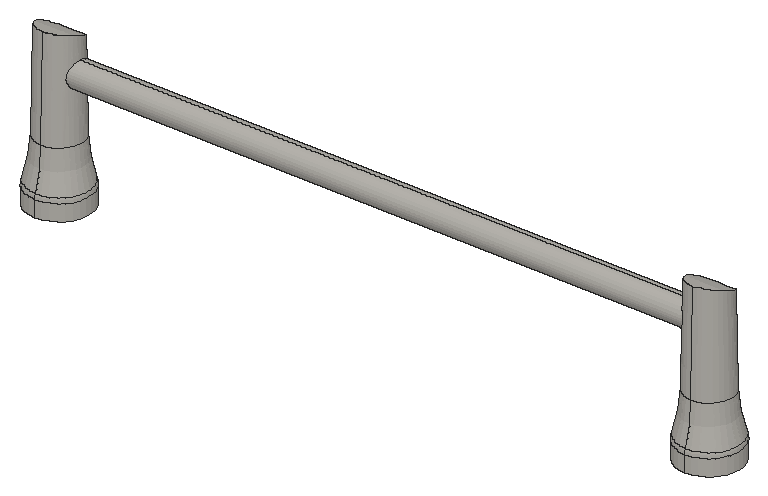
Revit family "Accessory-Towel_Bar-KOHLER-Toobi-K-5666", category Specialty Equipment, host Face, Revit 2015
Parameters (values of type "BN-Vibrant Brushed Nickel")
  Width = 4 1/2"  # constant formula
  WaterSense Certified = 1 = 0  # no
  URL = "https://www.us.kohler.com/us/"
  Type = 2
  Product Page URL = "http://www.us.kohler.com/us/catalog/productDetails.jsp?productNumber=5666"
  Product Name = "Toobi"  # constant formula
  Product Documentation Link = "https://www.us.kohler.com/webassets/kpna/catalog/pdf/en/K-5666_spec.pdf"
  Model = if(Type = 1, "K-5666-CP", if(Type = 2, "K-5666-BN", "NA"))  # "K-5666-BN"
  Material = "Premium Metal Construction"  # constant formula
  MasterFormat 2004 = "10.28.13"  # constant formula
  MasterFormat 1995 = "10820"  # constant formula
  Manufacturer Address = "444 Highland Dr, Kohler, WI 53044"  # constant formula
  Manufacturer = "KOHLER Co."  # constant formula
  Length = 19 11/16"  # constant formula
  Height = 1 89/128"  # constant formula
  Finish = Kohler-Metal-BN-Vibrant_Brushed_Nickel
  Environmental Product Declaration = ""
  Description = "18 inch Towel Bar"  # constant formula
  Default Elevation = 42"
  Declare Label = ""
  Date Modified = "02/15/2019"  # constant formula
  Date Created = "02/15/2019"  # constant formula
  Copyright = "Copyright KOHLER Co."  # constant formula
  Contact Us = "https://www.us.kohler.com/us/static/contact.jsp"
  Assembly Code = "C1030200"
  ADA Compliant = 1 = 0  # no
Types (3): name | Type | Model | Finish
  (no name) | 2 | "K-5666-BN" | Kohler-Metal-BN-Vibrant_Brushed_Nickel
  CP-Polished Chrome | 1 | "K-5666-CP" | Kohler-Metal-CP-Polished_Chrome
  BN-Vibrant Brushed Nickel | 2 | "K-5666-BN" | Kohler-Metal-BN-Vibrant_Brushed_Nickel
Reference planes
  plane 1 "Center (Front/Back)": y = 0
  plane 2: z = 0
  plane 3 "Center (Left/Right)": x = 0
  plane 4: z = 114.3
  plane 5: x = -250.031
  plane 6: x = 250.031
  plane 7: x = -228.641
  plane 8: x = 228.641
  plane 9: x = -207.206
  plane 10: y = 21.431
  plane 11: y = -21.431
  plane 12: y = -21.431
  plane 13: x = 207.151
  plane 14: z = 86.679
Dimensions and locks
  plane 7 to plane 8 = 18.00323"
  plane 13 to plane 6 = 1.68818"
  plane 9 to plane 5 = 1.68604"
  "Length": plane 5 to plane 6
  "Width": level to plane 4
  aligned and locked: plane 2 to host face
  aligned and locked: level to host face
Automatic sketch dimensions
  host sketch curve to host sketch curve = 96"  (x2)
Nested families
  nested 1: "K-5666" at (0, 0, 0) x (-1, 0, 0) z (0, 0, 1), type "K-5666"
Definition of nested family "K-5666"
  Parameters (values of type "K-5666")
    Material = none
    Default Elevation = 48"
  Reference planes
    plane 1 "Center (Front/Back)": y = 0
    plane 2: z = 0
    plane 3 "Center (Left/Right)": x = 0
    plane 4: x = -250.031
    plane 5: z = 114.3
    plane 6: x = 250.031
    plane 7: y = 21.431
    plane 8: y = -21.431
    plane 9: x = -207.176
    plane 10: x = 207.169
    plane 11: x = 207.176
    plane 12: x = -228.607
    plane 13: x = 228.607
    plane 14: z = 86.679
  Forms (mm)
    Extrusion 1, solid, material <- "Material", detail levels medium+fine
      sketch origin (0, -0.546, -2.381) x (0, 0, -1) y (0, 1, 0)
        loop
          circle (-88.833, 0.729) r 9.07
      from -225.165 to 228.482
    Extrusion 2, void
      sketch origin (56.856, 0.572, -0.099) x (0, 0, -1) y (0, -1, 0)
        loop
          line (-93.333, 24.767) -> (-110.059, 32.925) -> (-131.874, -11.801) -> (-114.818, -20.119)
          arc (-114.818, -20.119) -> (-108.615, 4.497) -> (-93.333, 24.767) r 64.022
      from 263.045 to 308.723
    Revolve 3, solid, material <- "Material", detail levels medium+fine
      sketch origin (-228.607, 0.296, 0) x (0, 0, -1) y (0, -1, 0)
        loop
          line (-114.3, 0.298) -> (0, 0.298) -> (0, 21.729) -> (-11.425, 21.729)
          arc (-11.425, 21.729) -> (-13.127, 21.591) -> (-14.784, 21.179) r 10.541
          arc (-14.784, 21.179) -> (-28.876, 17.603) -> (-43.347, 16.192) r 96.119
          line (-43.347, 16.192) -> (-114.3, 14.67) -> (-114.3, 0.298)
        axis (-114.3, 0.298) -> (0, 0.298)
      angle from 0 to 360
    Extrusion 4, solid, material <- "Material", detail levels coarse
      sketch origin (0, 0, 0) x (0, 0, -1) y (0, 1, 0)
        loop
          circle (-86.452, 0) r 9.07
      from -227.181 to 227.81
    Extrusion 5, void
      sketch origin (0, 0.794, -0.099) x (0, 0, -1) y (0, 1, 0)
        loop
          arc (-93.333, -24.767) -> (-108.615, -4.497) -> (-114.818, 20.119) r 64.022
          line (-114.818, 20.119) -> (-131.874, 11.801) -> (-110.059, -32.925) -> (-93.333, -24.767)
      from 206.314 to 247.122
    Revolve 6, solid, material <- "Material", detail levels medium+fine
      sketch origin (228.634, 0.296, 0) x (0, 0, -1) y (0, 1, 0)
        loop
          line (-114.3, -0.298) -> (-114.3, -14.67) -> (-43.347, -16.192)
          arc (-43.347, -16.192) -> (-28.876, -17.603) -> (-14.784, -21.179) r 96.119
          arc (-14.784, -21.179) -> (-13.127, -21.591) -> (-11.425, -21.729) r 10.541
          line (-11.425, -21.729) -> (0, -21.729) -> (0, -0.298) -> (-114.3, -0.298)
        axis (-114.3, -0.298) -> (0, -0.298)
      angle from 0 to 360
    Extrusion 7, solid, material <- "Material", detail levels coarse
      sketch origin (0, 0, 0) x (1, 0, 0) y (0, 1, 0)
        loop
          circle (-228.607, -0.002) r 21.431
      from 0 to 114.3
    Extrusion 8, solid, material <- "Material", detail levels coarse
      sketch origin (0, 0, 0) x (-1, 0, 0) y (0, -1, 0)
        loop
          circle (-228.607, 0.002) r 21.431
      from 0 to 114.3
  Cuts and joins
    Extrusion 5 cuts Extrusion 1
    Extrusion 2, Extrusion 5 cuts Revolve 3
    Extrusion 5 cuts Revolve 6
    joined: Extrusion 1, Revolve 3, Revolve 6
    Extrusion 5 cuts Extrusion 4
    joined: Extrusion 4, Extrusion 7, Extrusion 8
  Lines and regions (mm)
    Masking region 1
      outline origin (0, 0, 0) x (0, 0, -1) y (0, 1, 0)
        loop
          line (0, -21.431) -> (0, 21.431) -> (-11.327, 21.431)
          arc (-11.327, 21.431) -> (-12.813, 21.335) -> (-14.275, 21.047) r 11.486
          arc (-14.275, 21.047) -> (-28.511, 17.392) -> (-43.138, 15.945) r 96.351
          line (-43.138, 15.945) -> (-100.274, 14.673)
          arc (-100.274, 14.673) -> (-109.121, 1.035) -> (-114.3, -14.374) r 64.891
          line (-114.3, -14.374) -> (-44.684, -15.923)
          arc (-44.684, -15.923) -> (-29.273, -17.26) -> (-14.275, -21.047) r 96.351
          arc (-14.275, -21.047) -> (-12.813, -21.335) -> (-11.327, -21.431) r 11.486
          line (-11.327, -21.431) -> (0, -21.431)
    Masking region 2
      outline origin (0, 0, 0.465) x (1, 0, 0) y (0, 0, 1)
        loop
          line (207.169, -0.467) -> (228.6, -0.467) -> (250.031, -0.467) -> (250.031, 10.754)
          arc (250.031, 10.754) -> (249.893, 12.456) -> (249.482, 14.113) r 10.541
          arc (249.482, 14.113) -> (245.905, 28.205) -> (244.495, 42.675) r 96.119
          line (244.495, 42.675) -> (243.057, 109.685)
          arc (243.057, 109.685) -> (242.572, 110.96) -> (241.563, 111.877) r 2.933
          arc (241.563, 111.877) -> (239.924, 112.586) -> (238.181, 112.976) r 9.471
          arc (238.181, 112.976) -> (235.409, 113.433) -> (232.606, 113.629) r 30.041
          arc (232.606, 113.629) -> (228.611, 113.835) -> (224.617, 113.631) r 39.079
          arc (224.617, 113.631) -> (221.761, 113.439) -> (218.937, 112.976) r 30.041
          arc (218.937, 112.976) -> (217.194, 112.586) -> (215.555, 111.877) r 9.471
          arc (215.555, 111.877) -> (214.424, 110.829) -> (214.135, 109.314) r 2.47
          line (214.135, 109.314) -> (213.839, 95.517) -> (-213.87, 95.517) -> (-214.185, 110.219)
          arc (-214.185, 110.219) -> (-214.68, 111.205) -> (-215.555, 111.877) r 2.47
          arc (-215.555, 111.877) -> (-217.194, 112.586) -> (-218.937, 112.976) r 9.471
          arc (-218.937, 112.976) -> (-221.761, 113.439) -> (-224.617, 113.631) r 30.041
          arc (-224.617, 113.631) -> (-228.611, 113.835) -> (-232.606, 113.629) r 39.079
          arc (-232.606, 113.629) -> (-235.409, 113.433) -> (-238.181, 112.976) r 30.041
          arc (-238.181, 112.976) -> (-239.924, 112.586) -> (-241.563, 111.877) r 9.471
          arc (-241.563, 111.877) -> (-242.534, 111.014) -> (-243.037, 109.816) r 2.933
          line (-243.037, 109.816) -> (-244.496, 43.096)
          arc (-244.496, 43.096) -> (-245.909, 28.646) -> (-249.483, 14.573) r 96.119
          arc (-249.483, 14.573) -> (-249.894, 12.916) -> (-250.032, 11.215) r 10.541
          line (-250.032, 11.215) -> (-250.032, -0.465) -> (-228.44, -0.465) -> (-207.21, -0.465) -> (-207.21, 11.215)
          arc (-207.21, 11.215) -> (-207.348, 12.916) -> (-207.759, 14.573) r 10.541
          arc (-207.759, 14.573) -> (-211.336, 28.665) -> (-212.746, 43.136) r 96.119
          line (-212.746, 43.136) -> (-213.471, 76.911) -> (213.44, 76.911) -> (212.705, 42.675)
          arc (212.705, 42.675) -> (211.295, 28.205) -> (207.718, 14.113) r 96.119
          arc (207.718, 14.113) -> (207.307, 12.456) -> (207.169, 10.754) r 10.541
          line (207.169, 10.754) -> (207.169, -0.467)
    Masking region 3
      outline origin (0, 0, 0) x (1, 0, 0) y (0, 1, 0)
        loop
          arc (-209.278, 9.254) -> (-250.038, -0.098) -> (-209.195, -9.084) r 21.431
          line (-209.195, -9.084) -> (0, -9.084) -> (209.195, -9.084)
          arc (209.195, -9.084) -> (250.038, -0.098) -> (209.278, 9.254) r 21.431
          line (209.278, 9.254) -> (0, 9.254) -> (-209.278, 9.254)
    symbolic lines, detail levels medium+fine
      curve 1: line (213.441, 0, 77.45) -> (213.839, 0, 95.982)
      curve 2: line (-213.472, 0, 77.45) -> (-213.87, 0, 95.982)
      curve 3: line (-207.21, 0, 11.68) -> (-250.072, 0, 11.68)
      curve 4: line (250.031, 0, 11.219) -> (207.169, 0, 11.219)
      curve 5: line (0, 21.63, 11.327) -> (0, -21.431, 11.327)
      curve 6: line (-228.607, -14.638, 0) -> (-228.607, 14.375, 0)
      curve 7: line (-228.607, 14.375, 0) -> (-228.607, -14.638, 0)
      curve 8: line (228.634, 14.375, 0) -> (228.634, -14.641, 0)
      curve 9: line (228.634, -14.641, 0) -> (228.634, 14.375, 0)
      curve 10: line (209.278, 9.254, 0) -> (217.621, 9.254, 0)
      curve 11: line (209.195, -9.084, 0) -> (217.272, -9.084, 0)
      curve 12: line (-209.278, 9.254, 0) -> (-217.613, 9.254, 0)
      curve 13: line (-209.195, -9.084, 0) -> (-217.26, -9.084, 0)
      curve 14: arc (243.03, 0, 110.257) -> (241.493, 0, 107.059) -> (238.791, 0, 104.758) r 8.571
      curve 15: arc (214.143, 0, 110.472) -> (215.664, 0, 107.147) -> (218.432, 0, 104.758) r 8.571
      curve 16: arc (238.791, 0, 104.758) -> (228.611, 0, 102.175) -> (218.432, 0, 104.758) r 21.348
      curve 17: arc (-243.037, 0, 110.285) -> (-241.501, 0, 107.071) -> (-238.791, 0, 104.758) r 8.571
      curve 18: arc (-214.177, 0, 110.32) -> (-215.711, 0, 107.085) -> (-218.432, 0, 104.758) r 8.571
      curve 19: arc (-238.791, 0, 104.758) -> (-228.611, 0, 102.175) -> (-218.432, 0, 104.758) r 21.348
  Dimensions and locks
    plane 5 to level = 4 1/2"
    plane 4 to plane 6 = 19 11/16"
    plane 9 to plane 4 = 1.68722"
    plane 6 to plane 10 = 1 11/16"
    plane 12 to plane 13 = 18.00055"
    aligned and locked: plane 2 to level
